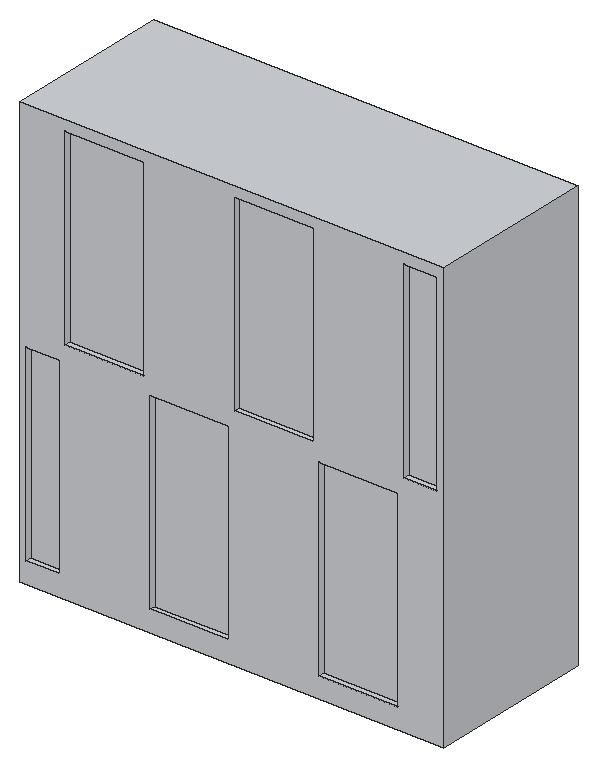
Revit family "SA 8H5W", category Mechanical Equipment, Revit 2019
Family settings
  Round Connector Dimension = Use Diameter
  Part Type = Normal
  OmniClass Number = 23.75.00.00
  OmniClass Title = Climate Control (HVAC)
  Work Plane-Based = No
  Always vertical = Yes
  Cut with Voids When Loaded = No
  Shared = No
  Room Calculation Point = No
Parameters (values of type "8H5W SA")
  Width = 5' - 4 1/2"
  Weight (lbs.) = "4,294"
  URL = "www.renewaire.com"
  Model = "8H5W SA"
  Manufacturer = "Renewaire LLC"
  Length = 13' - 6 7/8"
  Housing = none
  Height = 13' - 9 1/4"
  Description = "Energy Recovery Ventilator"
  Cores (L125-G5) = "40"
  Airflow Range (CFM) = "10,000 - 44,000"
  5W = yes
Reference planes (in)
  plane 1 "Center (Front/Back)": y = 0
  plane 2: z = 0
  plane 3 "Center (Left/Right)": x = 0
Forms (in)
  Extrusion 1, solid, material <- "Housing", visible <- "5W"
    sketch origin (0, 0, 0) x (0, 1, 0) y (0, 0, 1)
      loop
        line (32.26413, 165.25139) -> (-32.26413, 165.25139) -> (-32.26413, 0) -> (32.26413, 0) -> (32.26413, 165.25139)
    from 0 to 162.875
  Extrusion 2, void
    sketch origin (0, 0, 0) x (1, 0, 0) y (0, 0, 1)
      loop
        line (2.375, 81.78235) -> (2.375, 8.06435) -> (15.17072, 8.06435) -> (15.17072, 81.78235) -> (2.375, 81.78235)
      loop
        line (49.92926, 81.78235) -> (49.92926, 8.06435) -> (80.25787, 8.06435) -> (80.25787, 81.78235) -> (49.92926, 81.78235)
      loop
        line (47.75055, 161.50106) -> (17.42194, 161.50106) -> (17.42194, 87.78305) -> (47.75055, 87.78305) -> (47.75055, 161.50106)
    from 30 to 38.22316
  Extrusion 3, void
    sketch origin (0, 0, 0) x (1, 0, 0) y (0, 0, 1)
      loop
        line (82.55606, 161.50106) -> (82.55606, 87.78305) -> (95.33731, 87.78305) -> (95.33731, 161.50106) -> (82.55606, 161.50106)
    from 30 to 38.22316
  Extrusion 4, void
    sketch origin (0, 0, 0) x (1, 0, 0) y (0, 0, 1)
      loop
        line (82.55606, 161.50106) -> (82.55606, 87.78305) -> (112.88467, 87.78305) -> (112.88467, 161.50106) -> (82.55606, 161.50106)
    from 30 to 38.22316
  Extrusion 5, void
    sketch origin (0, 0, 0) x (1, 0, 0) y (0, 0, 1)
      loop
        line (115.06338, 81.78235) -> (115.06338, 8.06435) -> (127.85909, 8.06435) -> (127.85909, 81.78235) -> (115.06338, 81.78235)
    from 30 to 38.22316
  Extrusion 6, void
    sketch origin (0, 0, 0) x (1, 0, 0) y (0, 0, 1)
      loop
        line (115.06338, 81.78235) -> (115.06338, 8.06435) -> (145.39199, 8.06435) -> (145.39199, 81.78235) -> (115.06338, 81.78235)
    from 30 to 38.22316
  Extrusion 7, void
    sketch origin (0, 0, 0) x (1, 0, 0) y (0, 0, 1)
      loop
        line (147.69016, 161.50106) -> (147.69016, 87.78305) -> (160.47141, 87.78305) -> (160.47141, 161.50106) -> (147.69016, 161.50106)
    from 30 to 38.22316
  Extrusion 8, void
    sketch origin (0, 0, 0) x (1, 0, 0) y (0, 0, -1)
      loop
        line (2.375, -81.78235) -> (15.17072, -81.78235) -> (15.17072, -8.06435) -> (2.375, -8.06435) -> (2.375, -81.78235)
      loop
        line (49.92926, -81.78235) -> (80.25787, -81.78235) -> (80.25787, -8.06435) -> (49.92926, -8.06435) -> (49.92926, -81.78235)
      loop
        line (47.75055, -161.50106) -> (47.75055, -87.78305) -> (17.42194, -87.78305) -> (17.42194, -161.50106) -> (47.75055, -161.50106)
    from 30 to 38.22316
  Extrusion 9, void
    sketch origin (0, 0, 0) x (1, 0, 0) y (0, 0, -1)
      loop
        line (82.55606, -161.50106) -> (95.33731, -161.50106) -> (95.33731, -87.78305) -> (82.55606, -87.78305) -> (82.55606, -161.50106)
    from 30 to 38.22316
  Extrusion 10, void
    sketch origin (0, 0, 0) x (1, 0, 0) y (0, 0, -1)
      loop
        line (82.55606, -161.50106) -> (112.88467, -161.50106) -> (112.88467, -87.78305) -> (82.55606, -87.78305) -> (82.55606, -161.50106)
    from 30 to 38.22316
  Extrusion 11, void
    sketch origin (0, 0, 0) x (1, 0, 0) y (0, 0, -1)
      loop
        line (115.06338, -81.78235) -> (127.85909, -81.78235) -> (127.85909, -8.06435) -> (115.06338, -8.06435) -> (115.06338, -81.78235)
    from 30 to 38.22316
  Extrusion 12, void
    sketch origin (0, 0, 0) x (1, 0, 0) y (0, 0, -1)
      loop
        line (115.06338, -81.78235) -> (145.39199, -81.78235) -> (145.39199, -8.06435) -> (115.06338, -8.06435) -> (115.06338, -81.78235)
    from 30 to 38.22316
  Extrusion 13, void
    sketch origin (0, 0, 0) x (1, 0, 0) y (0, 0, -1)
      loop
        line (147.69016, -161.50106) -> (160.47141, -161.50106) -> (160.47141, -87.78305) -> (147.69016, -87.78305) -> (147.69016, -161.50106)
    from 30 to 38.22316
Cuts and joins
  Extrusion 2, Extrusion 3, Extrusion 4, Extrusion 5, Extrusion 6, Extrusion 7, Extrusion 8, Extrusion 9, Extrusion 10, Extrusion 11, Extrusion 12, Extrusion 13 cuts Extrusion 1
Dimensions and locks (in)
  aligned and locked: level to plane 2
